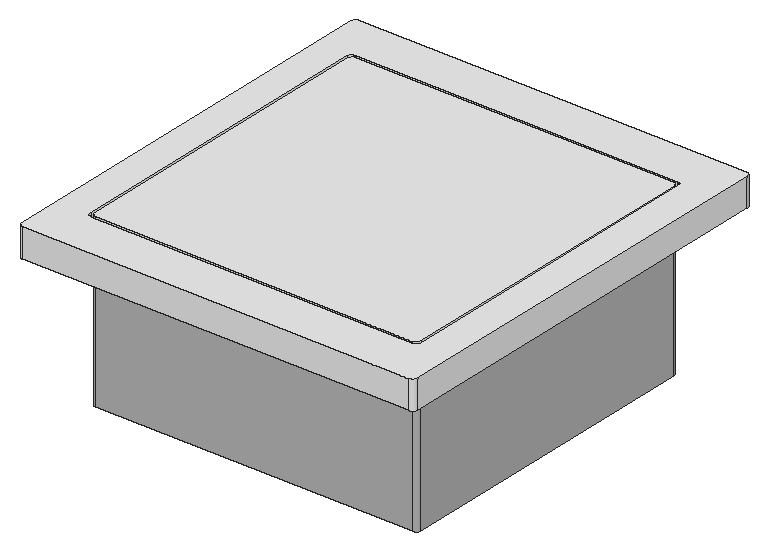
Revit family "Schneider_D-Life_1-elemento", category Electrical Fixtures, host Face, Revit 2015 (continued)
Definition of nested family "Schneider_D-Life_Tecla_Tapa_Tapa-ciega-zumbador"
  Definition of nested family "Schneider_D-Life_Cuerpo-tecla_Tecla-simple_M02"
    Text (mm)
      text "A3D CONSULTING INTEGRATED BIM SOLUTIONS, S.L.\n\nCONTRATO DE LICENCIA DE USUARIO FINAL\n\n\n\n\n\nAVISO A LOS USUARIOS: LEA ATENTAMENTE EL SIGUIENTE CONTRATO ANTES DE CONTINUAR. EL USO DEL CONTENIDO BIM EN FORMATO REVIT QUE SE ACOMPAÑA DEL PRESENTE ACUERDO (\"CONTENIDO BIM A3D CONSULTING\") CONSTITUYE SU ACEPTACIÓN DE ESTOS TÉRMINOS. SI USTED NO ESTÁ DE ACUERDO CON LAS CONDICIONES DE ESTE ACUERDO NO ABRA, ACCEDA DIRECTA O INDIRECTAMENTE, MODIFIQUE,  COPIE NI USE EL CONTENIDO BIM A3D CONSULTING, NI TOTAL NI PARCIALMENTE. EL USO DEL CONTENIDO BIM A3D CONSULTING POR PARTE DEL USUARIO ESTÁ CONDICIONADO AL CUMPLIMIENTO POR EL MISMO DE LOS TÉRMINOS DE ESTE ACUERDO.\n\n\n\n1.\tDEFINICIONES\n\nEste contrato de licencia de usuario final para el Contenido BIM A3D Consulting (“CLUF”) constituye un acuerdo legal entre usted como usuario final (ya sea persona física o entidad legalmente reconocida) (el \"Titular de la licencia\") y A3D CONSULTING INTEGRATED BIM SOLUTIONS, S.L. para el Contenido BIM A3D Consulting que acompaña a este CLUF. El Contenido BIM A3D CONSULTING consiste en uno o varios archivos en formato Autodesk Revit, pudiendo incluir elementos y medios asociados, así como la documentación \"en línea\" o electrónica (\"Contenido BIM A3D Consulting \").\n\n\n\n2.\tCONCESIÓN DE LA LICENCIA\n\nA3D CONSULTING INTEGRATED BIM SOLUTIONS, S.L. le concede una licencia para utilizar y modificar el contenido BIM incluido en una copia de Contenido BIM A3D Consulting.  El \"Titular de la licencia \" designa a la empresa, entidad o persona física, cuyos fondos son utilizados para pagar la cuota de licencia. \"Uso\" designa la copia, el almacenaje, la carga, la instalación o la muestra del Contenido BIM A3D Consulting. En virtud del presente, el Titular de la licencia no puede alquilar, arrendar, ceder, prestar, vender ni sublicenciar el Contenido BIM A3D Consulting a otra persona física, empresa o entidad.\n\n\n\n3.\tPROPIEDAD\n\nA3D CONSULTING INTEGRATED BIM SOLUTIONS, S.L. es el propietario y el titular del copyright del Contenido BIM A3D Consulting. La licencia adquirida no confiere al Titular de la licencia ningún título o propiedad sobre el contenido y no debe interpretarse como una venta de ningún derecho.\n\n\n\n4.\tCOPYRIGHT\n\nEl Contenido BIM A3D Consulting está protegido por las leyes españolas del copyright, las disposiciones de los tratados internacionales y otras leyes aplicables. En virtud del presente, el Titular de la licencia reconoce que no se le transfiere ningún título de la propiedad intelectual de A3D CONSULTING INTEGRATED BIM SOLUTIONS, S.L.. Además, el Titular de la licencia reconoce que el título y todos los derechos de autor sobre el Contenido BIM A3D Consulting seguirán siendo propiedad exclusiva de A3D CONSULTING INTEGRATED BIM SOLUTIONS, S.L. y no adquirirá ningún derecho sobre el Contenido BIM A3D Consulting, a excepción de lo expresamente establecido en esta licencia.\n\n\n\n5.\tRESPONSABILIDAD\n\nEn virtud del presente, el Titular de la licencia acepta que defenderá, indemnizará y eximirá a A3D CONSULTING INTEGRATED BIM SOLUTIONS, S.L. de cualesquiera reclamaciones o responsabilidades derivadas del uso, uso indebido, distribución o ejecución del Contenido BIM A3D Consulting de A3D CONSULTING INTEGRATED BIM SOLUTIONS, S.L., incluyendo las reclamaciones presentadas en contra del Titular de la licencia por el uso de dicho  contenido. Asimismo, el Titular de la licencia acepta eximir de toda responsabilidad y proteger a A3D CONSULTING INTEGRATED BIM SOLUTIONS, S.L. frente a cualquier tipo de demandas civiles, legales o penales. Las cantidades derivadas de dichos procesos, incluyendo resoluciones y costas judiciales, correrán a cargo del Titular de la licencia.\n\n\n\n6.\tGARANTÍA\n\nDurante un periodo de 30 días, a contar a partir de la fecha de entrega del producto, A3D CONSULTING INTEGRATED BIM SOLUTIONS, S.L. garantiza que dicho producto está libre de defectos en los materiales y la mano de obra. En caso de incumplimiento de esta garantía, el Titular de la licencia recibirá como  única compensación el reemplazo del producto. El Contenido BIM A3D Consulting y cualquier documentación relacionada se proporcionan \"tal cual\", sin garantía de ningún tipo, ya sea expresa o implícita, incluyendo, a título enunciativo pero no limitativo, las garantías implícitas o comerciabilidad, la idoneidad para un propósito particular o la inexistencia de infracción. Cualquier riesgo derivado del uso o los resultados del Contenido BIM A3D Consulting correrá a cargo del licenciatario.\n\n\n\n7.\tLEGISLACIÓN APLICABLE\n\nTodos los aspectos del presente Contrato se regirán e interpretarán de conformidad con la legislación vigente en España.\n\n\n\n8.\tENMIENDAS\n\nA3D CONSULTING INTEGRATED BIM SOLUTIONS, S.L. se reserva el derecho de modificar este acuerdo en cualquier momento.\n\n\n\n9.\tAPLICABILIDAD\n\nEn caso de que alguna de las disposiciones de este acuerdo fuera nula o inaplicable, las partes acuerdan que dicha invalidez no afectará a la validez de las disposiciones restantes de este acuerdo.\n\n\n\n- FIN DEL CONTRATO DE LICENCIA DE USUARIO FINAL -\n\nBarcelona / España, 15.02.2015\n\nA3D CONSULTING INTEGRATED BIM SOLUTIONS, S.L." at (2.016, -2, 0), in view "CLUF"
    Dimensions and locks
      equal spacing: plane 4 "Izquierda", plane 3 "Centro (Izquierda/Derecha)", plane 5 "Derecha"
      "Longitud": plane 4 "Izquierda" to plane 5 "Derecha"
      equal spacing: plane 7 "Frontal", plane 1 "Centro (Frontal/Posterior)", plane 6 "Posterior"
      "Anchura": plane 7 "Frontal" to plane 6 "Posterior"
      "Juntas.Desfase": plane 7 "Frontal" to plane 10 "Tecla.Frontal"
      "Juntas.Desfase": plane 6 "Posterior" to plane 11 "Tecla.Posterior"
      "Juntas.Desfase": plane 4 "Izquierda" to plane 8 "Tecla.Izquierda"
      "Juntas.Desfase": plane 9 "Tecla.Derecha" to plane 5 "Derecha"
      "Espesor": plane 12 "Tapa.Superior" to plane 2
      "Cuerpo.Redondeo": plane 8 "Tecla.Izquierda" to Sweep 2 sketch curve
      "Cuerpo.Redondeo": plane 11 "Tecla.Posterior" to Sweep 2 sketch curve
      "Cuerpo.Redondeo": Sweep 3 sketch curve to plane 9 "Tecla.Derecha"
      "Cuerpo.Redondeo": plane 11 "Tecla.Posterior" to Sweep 3 sketch curve
      "Cuerpo.Redondeo": plane 8 "Tecla.Izquierda" to Sweep 4 sketch curve
      "Cuerpo.Redondeo": Sweep 4 sketch curve to plane 10 "Tecla.Frontal"
      "Cuerpo.Redondeo": Sweep 5 sketch curve to plane 10 "Tecla.Frontal"
      "Cuerpo.Redondeo": Sweep 5 sketch curve to plane 9 "Tecla.Derecha"
      "Cuerpo.Redondeo": radius of Sweep 2 sketch curve
      "Cuerpo.Redondeo": radius of Sweep 3 sketch curve
      "Cuerpo.Redondeo": radius of Sweep 4 sketch curve
      "Cuerpo.Redondeo": radius of Sweep 5 sketch curve
      aligned and locked: level to plane 2
      aligned and locked: plane 9 "Tecla.Derecha" to Sweep 1 sketch curve
      aligned and locked: plane 1 "Centro (Frontal/Posterior)" to Sweep 1 sketch curve
      aligned and locked: plane 2 to Sweep 1 sketch curve
      aligned and locked: Sweep 1 sketch curve to plane 11 "Tecla.Posterior"
      aligned and locked: plane 10 "Tecla.Frontal" to Sweep 1 sketch curve
      aligned and locked: plane 12 "Tapa.Superior" to Sweep 1 sketch curve
      aligned and locked: plane 2 to Sweep 2 sketch curve
      aligned and locked: Sweep 2 sketch curve to plane 8 "Tecla.Izquierda"
      aligned and locked: plane 8 "Tecla.Izquierda" to Sweep 2 sketch curve
      aligned and locked: Sweep 2 sketch curve to plane 11 "Tecla.Posterior"
      aligned and locked: Sweep 3 sketch curve to plane 9 "Tecla.Derecha"
      aligned and locked: plane 2 to Sweep 3 sketch curve
      aligned and locked: plane 11 "Tecla.Posterior" to Sweep 3 sketch curve
      aligned and locked: plane 9 "Tecla.Derecha" to Sweep 3 sketch curve
      aligned and locked: plane 2 to Sweep 4 sketch curve
      aligned and locked: Sweep 4 sketch curve to plane 8 "Tecla.Izquierda"  (x2)
      aligned and locked: plane 2 to Sweep 5 sketch curve
      aligned and locked: Sweep 5 sketch curve to plane 9 "Tecla.Derecha"  (x2)
      aligned and locked: Sweep 4 sketch curve to plane 10 "Tecla.Frontal"
      aligned and locked: plane 10 "Tecla.Frontal" to Sweep 5 sketch curve
      aligned and locked: plane 8 "Tecla.Izquierda" to Sweep 1 sketch curve
      aligned and locked: Sweep 1 sketch curve to plane 12 "Tapa.Superior"
      aligned and locked: plane 12 "Tapa.Superior" to Sweep 5 sketch curve
      aligned and locked: plane 12 "Tapa.Superior" to Sweep 3 sketch curve
      aligned and locked: plane 12 "Tapa.Superior" to Sweep 4 sketch curve
      aligned and locked: plane 12 "Tapa.Superior" to Sweep 2 sketch curve
